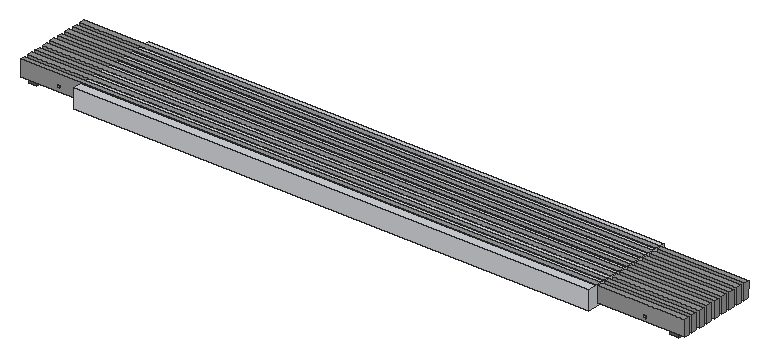
Revit family "1213-9, Solid", category Generic Models, host Face, Revit 2020
Family settings
  Host = Face
  Can host rebar = No
  Round Connector Dimension = Use Diameter
  Part Type = Normal
  Cut with Voids When Loaded = No
  Shared = No
  Room Calculation Point = No
Parameters
  min_value [instance] = 1' - 11 1/4"  # constant formula
  max_value [instance] = 11' - 11 1/4"  # constant formula
  actual_value [instance] = if(NET LENGTH < min_value, min_value, if(NET LENGTH > max_value, max_value, NET LENGTH))  # 7' - 11 1/4"
  NET LENGTH [instance] = 7' - 11 1/4"
  IMPORTANT NOTE!!!                                                                             *Backer & dowel layout is for visualization purposes only, final layout to be determined by 9Wood. [instance] = ""
  Default Elevation = 4' - 0"
  DOWEL RADIUS [instance] = 0' - 0 1/4"  # constant formula
  BACKING M MATERIAL [instance] = BLACK-BACKERS
  .. MEMBER WIDTH [instance] = 0' - 0 3/4"  # constant formula
  .. MEMBER MATERIAL [instance] = Solid Western Hemlock
  .. MEMBER DEPTH [instance] = 0' - 2 1/4"  # constant formula
  .. MEMBER COUNT [instance] = 9  # constant formula
Reference planes (in)
  plane 1 "Center (Front/Back)": y = 0
  plane 2: z = 2.726
  plane 3 "Center (Left/Right)": x = 0
Forms (in)
  Extrusion 1, solid
    sketch origin (15, -0.86619, -0.99308) x (0, 1, 0) y (-1, 0, 0)
      loop
        line (3.42869, -23.66817) -> (3.42869, 50.25) -> (-10, 50.25) -> (-10, -23.66817) -> (3.42869, -23.66817)
    from 3.71908 to 1.00111
Dimensions and locks (in)
  aligned and locked: plane 2 to Extrusion 1
Nested families (in)
  nested 1: "1200 Series" at (-44, -2, 1.87867), NET LENGTH <- "actual_value", DOWEL RADII <- "DOWEL RADIUS", .. MEMBER WIDTH <- ".. MEMBER WIDTH", .. MEMBER DEPTH <- ".. MEMBER DEPTH", .. MEMBER MATERIAL <- ".. MEMBER MATERIAL", BACKING M MATERIAL <- "BACKING M MATERIAL", .. MEMBER COUNT <- ".. MEMBER COUNT", type "1200 Series"
    with X 7' - 4", WIDTH 1' - 0 1/16", Space 0' - 0 11/16", START 0' - 0 3/8", SCRIM MATERIAL SCRIM, SCRIM 3 8' - 1", SCRIM 2 0' - 0 7/8", SCRIM 1 0' - 0 3/32", SCRIM yes, NET LENGTH 7' - 11 1/4", N 8, INSET 3 0' - 0 3/16", INSET 0' - 1", INDEX 0' - 5 5/8", END BACKER yes, DOWEL RADII 0' - 0 1/4", DOWEL COUNT 8, BACKING M WIDTH 0' - 1 1/4", BACKING M MATERIAL BLACK-BACKERS, BACKING M LENGTH 0' - 11 7/8", BACKING M DEPTH 0' - 0 1/2", .. MEMBER WIDTH 0' - 0 3/4", .. MEMBER OC TYP 0' - 1.33333", .. MEMBER MATERIAL Solid Western Hemlock, .. MEMBER DEPTH 0' - 2 1/4", .. MEMBER COUNT 9
Definition of nested family "1200 Series"
  Parameters (values of type "1200 Series")
    X [instance] = NET LENGTH - (0' 3 5/8" * 2)  # 6' - 2"
    WIDTH [instance] = 1' - 0 1/16"
    Space [instance] = 0' - 0 11/16"  # constant formula
    START [instance] = .. MEMBER WIDTH / 2  # 0' - 0 3/8"
    SCRIM MATERIAL [instance] = none
    SCRIM 3 [instance] = NET LENGTH + (SCRIM 2 * 2)  # 6' - 11"
    SCRIM 2 [instance] = 0' - 0 7/8"
    SCRIM 1 [instance] = 0' - 0 3/32"
    SCRIM [instance] = yes
    NET LENGTH [instance] = 6' - 9 1/4"
    N [instance] = if((X - (rounddown(X / 1' 0") * 1' 0")) > 1' 0", rounddown(X / 1' 0") + 2, rounddown(X / 1' 0") + 1)  # 7
    INSET 3 [instance] = 0' - 0 3/16"
    INSET [instance] = 0' - 1"
    INDEX [instance] = (NET LENGTH - ((N - 1) * 1' 0")) / 2  # 0' - 4 5/8"
    END BACKER [instance] = yes
    Default Elevation = 0' - 0"
    DOWEL RADII [instance] = 0' - 0 1/4"
    DOWEL COUNT [instance] = N  # 7
    BACKING M WIDTH [instance] = 0' - 1 1/4"
    BACKING M MATERIAL [instance] = none
    BACKING M LENGTH [instance] = 0' - 11 7/8"
    BACKING M DEPTH [instance] = 0' - 0 1/2"
    .. MEMBER WIDTH [instance] = 0' - 0 3/4"
    .. MEMBER OC TYP [instance] = 1' 0" / .. MEMBER COUNT  # 0' - 3"
    .. MEMBER MATERIAL [instance] = none
    .. MEMBER DEPTH [instance] = 0' - 1 3/8"
    .. MEMBER COUNT [instance] = 4
  Reference planes (in)
    plane 1 "Center (Front/Back)": y = -7.5
    plane 2: z = 0
    plane 3 "Center (Left/Right)": x = 0
    plane 4: x = 1
    plane 5: x = 4.625
    plane 6: x = 81.25
    plane 7: x = 80.25
    plane 8: x = 16.625
    plane 9: y = -7.3125
    plane 10: y = -4.125
    plane 11: y = -7.125
    plane 12: y = 4.5625
    plane 13: y = -4.5
    plane 14: y = -7.59375
    plane 15: x = 82.125
    plane 16: y = 4.65625
    plane 17: x = -0.875
    plane 18: z = -1.375
    plane 19: z = -0.6875
  Lines and regions (in)
    model lines
      curve 1: line (4.375, -7.5, -0.6875) -> (4.875, -7.5, -0.6875)
    model lines, not visible
      curve 2: line (4.625, -7.5, -0.9375) -> (4.625, -7.5, -0.4375)
      curve 3: line (4.375, -7.5, -0.6875) -> (4.875, -7.5, -0.6875)
      curve 4: line (16.625, -7.5, -0.9375) -> (16.625, -7.5, -0.4375)
      curve 5: line (16.375, -7.5, -0.6875) -> (16.875, -7.5, -0.6875)
      curve 6: line (28.625, -7.5, -0.9375) -> (28.625, -7.5, -0.4375)
      curve 7: line (28.375, -7.5, -0.6875) -> (28.875, -7.5, -0.6875)
      curve 8: line (40.625, -7.5, -0.9375) -> (40.625, -7.5, -0.4375)
      curve 9: line (40.375, -7.5, -0.6875) -> (40.875, -7.5, -0.6875)
      curve 10: line (52.625, -7.5, -0.9375) -> (52.625, -7.5, -0.4375)
      curve 11: line (52.375, -7.5, -0.6875) -> (52.875, -7.5, -0.6875)
      curve 12: line (64.625, -7.5, -0.9375) -> (64.625, -7.5, -0.4375)
      curve 13: line (64.375, -7.5, -0.6875) -> (64.875, -7.5, -0.6875)
      curve 14: line (76.625, -7.5, -0.9375) -> (76.625, -7.5, -0.4375)
      curve 15: line (76.375, -7.5, -0.6875) -> (76.875, -7.5, -0.6875)
  Dimensions and locks (in)
    "NET LENGTH": plane 3 "Center (Left/Right)" to plane 6
    "INSET": plane 7 to plane 6
    "INDEX": plane 3 "Center (Left/Right)" to plane 5
    plane 5 to plane 8 = 1' - 0"
    "INSET 3": plane 1 "Center (Front/Back)" to plane 9
    equal spacing: group 1, group 2, group 3, group 4  (x3)
    "START": plane 11 to plane 1 "Center (Front/Back)"
    ".. MEMBER OC TYP": plane 10 to plane 11
    "WIDTH": plane 12 to plane 1 "Center (Front/Back)"
    "START": plane 10 to plane 13
    "SCRIM 1": plane 14 to plane 1 "Center (Front/Back)"
    "SCRIM 2": plane 6 to plane 15
    "SCRIM 1": plane 12 to plane 16
    "SCRIM 2": plane 17 to plane 3 "Center (Left/Right)"
    "INSET": plane 3 "Center (Left/Right)" to plane 4
    equal spacing: group 5, group 6, group 7, group 8, group 9, group 10, group 11  (x3)
    "Space": plane 19 to plane 18
    aligned and locked: level to plane 2
    aligned and locked: nested 1 to plane 4  (x2)
    aligned and locked: plane 7 to nested 2
    aligned and locked: plane 5 to nested 3
    aligned and locked: nested 1 to plane 9
    aligned and locked: plane 1 "Center (Front/Back)" to nested 4
    aligned and locked: plane 9 to nested 2
    aligned and locked: plane 13 to nested 5
    aligned and locked: nested 3 to plane 9
    aligned and locked: plane 18 to nested 1
    aligned and locked: plane 19 to nested 3
    aligned and locked: curve 1 to plane 19
    aligned and locked: plane 8 to curve 4
    aligned and locked: curve 5 to plane 19
    aligned and locked: nested 4 to plane 18
  Automatic sketch dimensions
    curve 1 to curve 1 = 0' - 0 1/2"
    curve 1 to plane 5 = 0' - 0 1/4"
    plane 5 to curve 1 = 0' - 0 1/4"
    curve 3 to curve 2 = 0' - 0 1/4"  (x2)
    curve 2 to curve 3 = 0' - 0 1/4"  (x2)
    curve 5 to curve 4 = 0' - 0 1/4"  (x2)
    curve 4 to curve 5 = 0' - 0 1/4"  (x2)
    curve 7 to curve 6 = 0' - 0 1/4"  (x2)
    curve 6 to curve 7 = 0' - 0 1/4"  (x2)
    curve 9 to curve 8 = 0' - 0 1/4"  (x2)
    curve 8 to curve 9 = 0' - 0 1/4"  (x2)
    curve 11 to curve 10 = 0' - 0 1/4"  (x2)
    curve 10 to curve 11 = 0' - 0 1/4"  (x2)
    curve 13 to curve 12 = 0' - 0 1/4"  (x2)
    curve 12 to curve 13 = 0' - 0 1/4"  (x2)
    curve 15 to curve 14 = 0' - 0 1/4"  (x2)
    curve 14 to curve 15 = 0' - 0 1/4"  (x2)
  Nested families (in)
    nested 1: "INSTANCE - 2ND -  EXTEND SIDE H CENTER W - Parametric Cube" at (1, -1.375, -1.375) x (0, -1, 0) z (0, 0, 1), Width <- "BACKING M LENGTH", Length <- "BACKING M WIDTH", Material <- "BACKING M MATERIAL", Height <- "BACKING M DEPTH", visible <- "END BACKER", type "INSTANCE - 2ND -  EXTEND SIDE H CENTER W - Parametric Cube"
      with Width 0' - 11 7/8", Material none, Length 0' - 1 1/4", Height 0' - 0 1/2"
    nested 2: "INSTANCE - 2ND -  EXTEND SIDE H CENTER W - Parametric Cube" at (80.25, -1.375, -1.375) x (0, -1, 0) z (0, 0, 1), Width <- "BACKING M LENGTH", Length <- "BACKING M WIDTH", Material <- "BACKING M MATERIAL", Height <- "BACKING M DEPTH", visible <- "END BACKER", type "INSTANCE - 2ND -  EXTEND SIDE H CENTER W - Parametric Cube"
      with Width 0' - 11 7/8", Material none, Length 0' - 1 1/4", Height 0' - 0 1/2"
    nested 3: "Family3" at (-5.375, -7.3125, -0.6875), DOWEL RADII <- "DOWEL RADII", BACKING MEM MATERIAL <- "BACKING M MATERIAL", type "Family3"
      with DOWEL RADII 0' - 0 1/4", DOWEL LENGTH 0' - 11 7/8", BACKING MEM MATERIAL none
    nested 4: "HOLED MEMBER" at (0, -18.75, 6.19404), DOWEL RADII <- "DOWEL RADII", .. MEMBER LENGTH <- "NET LENGTH", DOWEL COUNT <- "DOWEL COUNT", DEPTH <- ".. MEMBER DEPTH", .. MEMBER WIDTH <- ".. MEMBER WIDTH", Material <- ".. MEMBER MATERIAL", DOWEL INDEX <- "INDEX", Space 2 <- "Space", type "HOLED MEMBER"
      with Width 0' - 6", Space 2 0' - 0 11/16", Material none, Length 1' - 0", Height 0' - 10.43096", DOWEL RADII 0' - 0 1/4", DOWEL OC DIST 1' - 0", DOWEL INDEX 0' - 4 5/8", DOWEL COUNT 7, DEPTH 0' - 1 3/8", .. MEMBER WIDTH 0' - 0 3/4", .. MEMBER LENGTH 6' - 9 1/4"
    nested 5: "HOLED MEMBER" at (0, -15.75, 6.19404), DOWEL RADII <- "DOWEL RADII", .. MEMBER LENGTH <- "NET LENGTH", DOWEL COUNT <- "DOWEL COUNT", DEPTH <- ".. MEMBER DEPTH", .. MEMBER WIDTH <- ".. MEMBER WIDTH", Material <- ".. MEMBER MATERIAL", DOWEL INDEX <- "INDEX", Space 2 <- "Space", type "HOLED MEMBER"
      with Width 0' - 6", Space 2 0' - 0 11/16", Material none, Length 1' - 0", Height 0' - 10.43096", DOWEL RADII 0' - 0 1/4", DOWEL OC DIST 1' - 0", DOWEL INDEX 0' - 4 5/8", DOWEL COUNT 7, DEPTH 0' - 1 3/8", .. MEMBER WIDTH 0' - 0 3/4", .. MEMBER LENGTH 6' - 9 1/4"
    nested 6: "HOLED MEMBER" at (0, -12.75, 6.19404), DOWEL RADII <- "DOWEL RADII", .. MEMBER LENGTH <- "NET LENGTH", DOWEL COUNT <- "DOWEL COUNT", DEPTH <- ".. MEMBER DEPTH", .. MEMBER WIDTH <- ".. MEMBER WIDTH", Material <- ".. MEMBER MATERIAL", DOWEL INDEX <- "INDEX", Space 2 <- "Space", type "HOLED MEMBER"
      with Width 0' - 6", Space 2 0' - 0 11/16", Material none, Length 1' - 0", Height 0' - 10.43096", DOWEL RADII 0' - 0 1/4", DOWEL OC DIST 1' - 0", DOWEL INDEX 0' - 4 5/8", DOWEL COUNT 7, DEPTH 0' - 1 3/8", .. MEMBER WIDTH 0' - 0 3/4", .. MEMBER LENGTH 6' - 9 1/4"
    nested 7: "HOLED MEMBER" at (0, -9.75, 6.19404), DOWEL RADII <- "DOWEL RADII", .. MEMBER LENGTH <- "NET LENGTH", DOWEL COUNT <- "DOWEL COUNT", DEPTH <- ".. MEMBER DEPTH", .. MEMBER WIDTH <- ".. MEMBER WIDTH", Material <- ".. MEMBER MATERIAL", DOWEL INDEX <- "INDEX", Space 2 <- "Space", type "HOLED MEMBER"
      with Width 0' - 6", Space 2 0' - 0 11/16", Material none, Length 1' - 0", Height 0' - 10.43096", DOWEL RADII 0' - 0 1/4", DOWEL OC DIST 1' - 0", DOWEL INDEX 0' - 4 5/8", DOWEL COUNT 7, DEPTH 0' - 1 3/8", .. MEMBER WIDTH 0' - 0 3/4", .. MEMBER LENGTH 6' - 9 1/4"
    nested 8: "Family3" at (6.625, -7.3125, -0.6875), DOWEL RADII <- "DOWEL RADII", BACKING MEM MATERIAL <- "BACKING M MATERIAL", type "Family3"
      with DOWEL RADII 0' - 0 1/4", DOWEL LENGTH 0' - 11 7/8", BACKING MEM MATERIAL none
    nested 9: "Family3" at (18.625, -7.3125, -0.6875), DOWEL RADII <- "DOWEL RADII", BACKING MEM MATERIAL <- "BACKING M MATERIAL", type "Family3"
      with DOWEL RADII 0' - 0 1/4", DOWEL LENGTH 0' - 11 7/8", BACKING MEM MATERIAL none
    nested 10: "Family3" at (30.625, -7.3125, -0.6875), DOWEL RADII <- "DOWEL RADII", BACKING MEM MATERIAL <- "BACKING M MATERIAL", type "Family3"
      with DOWEL RADII 0' - 0 1/4", DOWEL LENGTH 0' - 11 7/8", BACKING MEM MATERIAL none
    nested 11: "Family3" at (42.625, -7.3125, -0.6875), DOWEL RADII <- "DOWEL RADII", BACKING MEM MATERIAL <- "BACKING M MATERIAL", type "Family3"
      with DOWEL RADII 0' - 0 1/4", DOWEL LENGTH 0' - 11 7/8", BACKING MEM MATERIAL none
    nested 12: "Family3" at (54.625, -7.3125, -0.6875), DOWEL RADII <- "DOWEL RADII", BACKING MEM MATERIAL <- "BACKING M MATERIAL", type "Family3"
      with DOWEL RADII 0' - 0 1/4", DOWEL LENGTH 0' - 11 7/8", BACKING MEM MATERIAL none
    nested 13: "Family3" at (66.625, -7.3125, -0.6875), DOWEL RADII <- "DOWEL RADII", BACKING MEM MATERIAL <- "BACKING M MATERIAL", type "Family3"
      with DOWEL RADII 0' - 0 1/4", DOWEL LENGTH 0' - 11 7/8", BACKING MEM MATERIAL none
  Definition of nested family "INSTANCE - 2ND -  EXTEND SIDE H CENTER W - Parametric Cube"
    Parameters (values of type "INSTANCE - 2ND -  EXTEND SIDE H CENTER W - Parametric Cube")
      Width [instance] = 0' - 6"
      Material [instance] = none
      Length [instance] = 1' - 0"
      Height [instance] = 1' - 6"
      Default Elevation = 0' - 0"
    Reference planes (in)
      plane 1 "Center (Front/Back)": y = 0
      plane 2: z = 0
      plane 3 "Center (Left/Right)": x = 0
      plane 4: x = -3
      plane 5: x = 3
      plane 6: y = 12
      plane 7: z = -18
    Forms (in)
      Extrusion 1, solid, material <- "Material"
        sketch origin (0, 6, 0) x (1, 0, 0) y (0, 1, 0)
          loop
            line (-3, 6) -> (-3, -6) -> (3, -6) -> (3, 6) -> (-3, 6)
        from -18 to 0
    Dimensions and locks (in)
      equal spacing: plane 4, plane 3 "Center (Left/Right)", plane 5
      "Width": plane 4 to plane 5
      "Height": plane 7 to level
      "Length": plane 1 "Center (Front/Back)" to plane 6
      aligned and locked: plane 2 to level
      aligned and locked: plane 4 to Extrusion 1 sketch curve
      aligned and locked: Extrusion 1 sketch curve to plane 5
      aligned and locked: Extrusion 1 to plane 7
      aligned and locked: plane 6 to Extrusion 1
    Automatic sketch dimensions
      plane 1 "Center (Front/Back)" to Extrusion 1 sketch curve = 0' - 0"
      plane 6 to Extrusion 1 sketch curve = 0' - 0"
  Definition of nested family "Family3"
    Parameters (values of type "Family3")
      Default Elevation = 0' - 0"
      DOWEL RADII [instance] = 0' - 0 5/8"
      DOWEL LENGTH [instance] = 0' - 5"
      BACKING MEM MATERIAL [instance] = none
    Reference planes (in)
      plane 1 "Center (Front/Back)": y = 0
      plane 2: z = 0
      plane 3 "Center (Left/Right)": x = 0
      plane 4: y = 5
    Forms (in)
      Extrusion 1, solid, material <- "BACKING MEM MATERIAL"
        sketch origin (10, 0, 0) x (1, 0, 0) y (0, 0, 1)
          loop
            circle (0, 0) r 0.625
        from 0 to -5
      Extrusion 2, solid, not visible
        sketch origin (0, 0, 0) x (1, 0, 0) y (0, 0, 1)
          loop
            circle (0, 0) r 0.625
        from 0 to 12
      Extrusion 3, solid, not visible
        sketch origin (10, 0, 0) x (1, 0, 0) y (0, 0, 1)
          loop
            circle (0, 0) r 0.625
        from 0 to 2.5
      Extrusion 4, solid, not visible
        sketch origin (10, 0, 0) x (1, 0, 0) y (0, 0, 1)
          loop
            circle (0, 0) r 0.625
        from 0 to -12
    Lines and regions (in)
      model lines, not visible
        curve 1: line (-13, 0, 0) -> (-13, -12, 0)
        curve 2: line (13, 0, 0) -> (13, -12, 0)
        curve 3: line (9.89453, 0, 0) -> (10.08794, 0, 0)
        curve 4: line (9.89453, -2.5, 0) -> (10.08794, -2.5, 0)
        curve 6: line (10, 0, 0) -> (10, 2, 0)
      model lines
        curve 5: line (10, 0, 0) -> (10, 2, 0)
    Dimensions and locks (in)
      "DOWEL LENGTH": plane 1 "Center (Front/Back)" to plane 4
      "DOWEL RADII": radius of Extrusion 1 sketch curve
      "DOWEL RADII": radius of Extrusion 2 sketch curve
      "DOWEL RADII": radius of Extrusion 3 sketch curve
      "DOWEL RADII": radius of Extrusion 4 sketch curve
      "DOWEL RADII": radius of Extrusion 1
      aligned and locked: plane 2 to level
      aligned and locked: Extrusion 1 to plane 1 "Center (Front/Back)"  (x3)
      aligned and locked: plane 1 "Center (Front/Back)" to Extrusion 1
      aligned and locked: plane 4 to Extrusion 1
    Automatic sketch dimensions
      plane 1 "Center (Front/Back)" to curve 5 = 0' - 0"
      curve 5 to plane 1 "Center (Front/Back)" = 0' - 2"
      plane 3 "Center (Left/Right)" to curve 5 = 0' - 10"
      Extrusion 1 sketch curve to level = 0' - 0"
      plane 3 "Center (Left/Right)" to Extrusion 1 sketch curve = 0' - 10"
  Definition of nested family "HOLED MEMBER"
    Parameters (values of type "HOLED MEMBER")
      Width [instance] = 0' - 6"
      Space 2 [instance] = 0' - 0 5/8"
      Space = 0' - 0 5/8"
      Material [instance] = none
      Length [instance] = 1' - 0"
      Height [instance] = 0' - 10.43096"
      Default Elevation = 0' - 0"
      DOWEL RADII [instance] = 0' - 0.34537"
      DOWEL OC DIST [instance] = 1' - 0"
      DOWEL INSET = 0' - 0 5/8"
      DOWEL INDEX [instance] = 0' - 5 5/8"
      DOWEL COUNT [instance] = 6
      DEPTH [instance] = 0' - 2"
      .. MEMBER WIDTH [instance] = 0' - 0 5/8"
      .. MEMBER LENGTH [instance] = 5' - 11 3/4"
    Reference planes (in)
      plane 1 "Center (Front/Back)": y = 12
      plane 2: z = -7.56904
      plane 3 "Center (Left/Right)": x = 0
      plane 4: x = 5.625
      plane 5: x = 17.625
      plane 6: y = 11.375
      plane 7: x = 71.75
      plane 8: z = -6.94404
      plane 9: z = -5.56904
    Forms (in)
      Extrusion 1, solid, material <- "Material"
        sketch origin (0, 12, -13.56904) x (1, 0, 0) y (0, 0, 1)
          loop
            line (0, 6) -> (71.75, 6) -> (71.75, 8) -> (0, 8) -> (0, 6)
        from 0.625 to 0
      Extrusion 2, void
        sketch origin (0, 12, -18.31904) x (1, 0, 0) y (0, 0, 1)
          loop
            circle (5.625, 11.375) r 0.34537
        from 0 to 12
      Extrusion 3, void, not visible
        sketch origin (0, 1.25, 0) x (1, 0, 0) y (0, 1, 0)
          loop
            circle (5.625, 11.375) r 0.34537
        from 0 to 12
      Extrusion 4, void, not visible
        sketch origin (0, 1.25, 0) x (1, 0, 0) y (0, 1, 0)
          loop
            circle (5.625, 11.375) r 0.34537
        from 0 to 12
      Extrusion 5, void, not visible
        sketch origin (12, 1.25, 0) x (1, 0, 0) y (0, 1, 0)
          loop
            circle (5.625, 11.375) r 0.34537
        from 0 to 12
      Extrusion 6, void, not visible
        sketch origin (0, 12, -16.31904) x (1, 0, 0) y (0, 0, 1)
          loop
            circle (5.625, 11.375) r 0.34537
        from 0 to 12
      Extrusion 7, void, not visible
        sketch origin (12, 12, -16.31904) x (1, 0, 0) y (0, 0, 1)
          loop
            circle (5.625, 11.375) r 0.34537
        from 0 to 12
      Extrusion 8, void, not visible
        sketch origin (0, 12, -18.31904) x (1, 0, 0) y (0, 0, 1)
          loop
            circle (5.625, 11.375) r 0.34537
        from 0 to 12
      Extrusion 9, void
        sketch origin (12, 12, -18.31904) x (1, 0, 0) y (0, 0, 1)
          loop
            circle (5.625, 11.375) r 0.34537
        from 0 to 12
      Extrusion 10, void, not visible
        sketch origin (24, 12, -16.31904) x (1, 0, 0) y (0, 0, 1)
          loop
            circle (5.625, 11.375) r 0.34537
        from 0 to 12
      Extrusion 11, void, not visible
        sketch origin (36, 12, -16.31904) x (1, 0, 0) y (0, 0, 1)
          loop
            circle (5.625, 11.375) r 0.34537
        from 0 to 12
      Extrusion 12, void, not visible
        sketch origin (48, 12, -16.31904) x (1, 0, 0) y (0, 0, 1)
          loop
            circle (5.625, 11.375) r 0.34537
        from 0 to 12
      Extrusion 13, void, not visible
        sketch origin (60, 12, -16.31904) x (1, 0, 0) y (0, 0, 1)
          loop
            circle (5.625, 11.375) r 0.34537
        from 0 to 12
      Extrusion 14, void, not visible
        sketch origin (24, 1.25, 0) x (1, 0, 0) y (0, 1, 0)
          loop
            circle (5.625, 11.375) r 0.34537
        from 0 to 12
      Extrusion 15, void, not visible
        sketch origin (36, 1.25, 0) x (1, 0, 0) y (0, 1, 0)
          loop
            circle (5.625, 11.375) r 0.34537
        from 0 to 12
      Extrusion 16, void, not visible
        sketch origin (48, 1.25, 0) x (1, 0, 0) y (0, 1, 0)
          loop
            circle (5.625, 11.375) r 0.34537
        from 0 to 12
      Extrusion 17, void, not visible
        sketch origin (60, 1.25, 0) x (1, 0, 0) y (0, 1, 0)
          loop
            circle (5.625, 11.375) r 0.34537
        from 0 to 12
      Extrusion 18, void
        sketch origin (24, 12, -18.31904) x (1, 0, 0) y (0, 0, 1)
          loop
            circle (5.625, 11.375) r 0.34537
        from 0 to 12
      Extrusion 19, void
        sketch origin (36, 12, -18.31904) x (1, 0, 0) y (0, 0, 1)
          loop
            circle (5.625, 11.375) r 0.34537
        from 0 to 12
      Extrusion 20, void
        sketch origin (48, 12, -18.31904) x (1, 0, 0) y (0, 0, 1)
          loop
            circle (5.625, 11.375) r 0.34537
        from 0 to 12
      Extrusion 21, void
        sketch origin (60, 12, -18.31904) x (1, 0, 0) y (0, 0, 1)
          loop
            circle (5.625, 11.375) r 0.34537
        from 0 to 12
    Cuts and joins
      Extrusion 2, Extrusion 9, Extrusion 18, Extrusion 19, Extrusion 20, Extrusion 21 cuts Extrusion 1
    Lines and regions (in)
      model lines, not visible
        curve 1: line (5.625, 11.72037, 0) -> (5.625, 11.02963, 0)
        curve 2: line (5.625, 11.72037, 0) -> (5.625, 11.02963, 0)
        curve 3: line (17.625, 11.72037, 0) -> (17.625, 11.02963, 0)
        curve 4: line (5.625, 12, -7.56904) -> (5.625, 11.87317, -7.56904)
        curve 5: line (5.625, 11.87317, -7.56904) -> (5.06195, 11.87317, -7.56904)
        curve 6: line (5.06195, 11.87317, -7.56904) -> (5.27963, 11.375, -7.56904)
        curve 7: line (0, 12, -6.19404) -> (0, 11.61951, -6.19404)
        curve 8: line (0, 11.375, -8.19404) -> (0, 11.6747, -8.19404)
        curve 9: line (5.625, 12, -7.56904) -> (5.625, 11.69863, -7.56904)
        curve 11: line (5.625, 12, 0) -> (5.625, 12, 0.30137)
        curve 12: line (5.625, 12, 0) -> (5.625, 12, 0.30137)
        curve 13: line (17.625, 12, 0) -> (17.625, 12, 0.30137)
        curve 14: line (5.625, 12, -5.56904) -> (5.625, 11.69863, -5.56904)
        curve 15: line (17.625, 12, -5.56904) -> (17.625, 11.69863, -5.56904)
        curve 16: line (5.625, 12, -7.56904) -> (5.625, 11.69863, -7.56904)
        curve 18: line (29.625, 12, -5.56904) -> (29.625, 11.69863, -5.56904)
        curve 19: line (41.625, 12, -5.56904) -> (41.625, 11.69863, -5.56904)
        curve 20: line (53.625, 12, -5.56904) -> (53.625, 11.69863, -5.56904)
        curve 21: line (65.625, 12, -5.56904) -> (65.625, 11.69863, -5.56904)
        curve 22: line (29.625, 11.72037, 0) -> (29.625, 11.02963, 0)
        curve 23: line (29.625, 12, 0) -> (29.625, 12, 0.30137)
        curve 24: line (41.625, 11.72037, 0) -> (41.625, 11.02963, 0)
        curve 25: line (41.625, 12, 0) -> (41.625, 12, 0.30137)
        curve 26: line (53.625, 11.72037, 0) -> (53.625, 11.02963, 0)
        curve 27: line (53.625, 12, 0) -> (53.625, 12, 0.30137)
        curve 28: line (65.625, 11.72037, 0) -> (65.625, 11.02963, 0)
        curve 29: line (65.625, 12, 0) -> (65.625, 12, 0.30137)
        curve 35: line (5.27963, 12.625, 0) -> (5.97037, 12.625, 0)
        curve 36: line (5.27963, 12.625, 0) -> (5.97037, 12.625, 0)
        curve 37: line (17.27963, 12.625, 0) -> (17.97037, 12.625, 0)
        curve 38: line (5.27963, 12, -4.94404) -> (5.97037, 12, -4.94404)
        curve 39: line (17.27963, 12, -4.94404) -> (17.97037, 12, -4.94404)
        curve 40: line (5.27963, 12, -6.94404) -> (5.97037, 12, -6.94404)
        curve 42: line (29.27963, 12, -4.94404) -> (29.97037, 12, -4.94404)
        curve 43: line (41.27963, 12, -4.94404) -> (41.97037, 12, -4.94404)
        curve 44: line (53.27963, 12, -4.94404) -> (53.97037, 12, -4.94404)
        curve 45: line (65.27963, 12, -4.94404) -> (65.97037, 12, -4.94404)
        curve 46: line (29.27963, 12.625, 0) -> (29.97037, 12.625, 0)
        curve 47: line (41.27963, 12.625, 0) -> (41.97037, 12.625, 0)
        curve 48: line (53.27963, 12.625, 0) -> (53.97037, 12.625, 0)
        curve 49: line (65.27963, 12.625, 0) -> (65.97037, 12.625, 0)
        curve 54: line (0, 12, -6.94404) -> (0, 4.22059, -6.94404)
        curve 55: line (0, 12.625, 0) -> (0, 12.625, 7.77941)
        curve 56: line (0, 12.625, 0) -> (0, 12.625, 7.77941)
        curve 57: line (12, 12.625, 0) -> (12, 12.625, 7.77941)
        curve 58: line (0, 12, -4.94404) -> (0, 4.22059, -4.94404)
        curve 59: line (12, 12, -4.94404) -> (12, 4.22059, -4.94404)
        curve 60: line (0, 12, -6.94404) -> (0, 4.22059, -6.94404)
        curve 61: line (12, 12, -6.94404) -> (12, 4.22059, -6.94404)
        curve 62: line (24, 12, -4.94404) -> (24, 4.22059, -4.94404)
        curve 63: line (36, 12, -4.94404) -> (36, 4.22059, -4.94404)
        curve 64: line (48, 12, -4.94404) -> (48, 4.22059, -4.94404)
        curve 65: line (60, 12, -4.94404) -> (60, 4.22059, -4.94404)
        curve 66: line (24, 12.625, 0) -> (24, 12.625, 7.77941)
        curve 67: line (36, 12.625, 0) -> (36, 12.625, 7.77941)
        curve 68: line (48, 12.625, 0) -> (48, 12.625, 7.77941)
        curve 69: line (60, 12.625, 0) -> (60, 12.625, 7.77941)
        curve 70: line (24, 12, -6.94404) -> (24, 4.22059, -6.94404)
        curve 71: line (36, 12, -6.94404) -> (36, 4.22059, -6.94404)
        curve 72: line (48, 12, -6.94404) -> (48, 4.22059, -6.94404)
        curve 73: line (60, 12, -6.94404) -> (60, 4.22059, -6.94404)
      model lines
        curve 10: line (5.625, 12, -7.56904) -> (5.625, 11.69863, -7.56904)
        curve 17: line (17.625, 12, -7.56904) -> (17.625, 11.69863, -7.56904)
        curve 30: line (29.625, 12, -7.56904) -> (29.625, 11.69863, -7.56904)
        curve 31: line (41.625, 12, -7.56904) -> (41.625, 11.69863, -7.56904)
        curve 32: line (53.625, 12, -7.56904) -> (53.625, 11.69863, -7.56904)
        curve 33: line (65.625, 12, -7.56904) -> (65.625, 11.69863, -7.56904)
        curve 34: line (5.27963, 12, -6.94404) -> (5.97037, 12, -6.94404)
        curve 41: line (17.27963, 12, -6.94404) -> (17.97037, 12, -6.94404)
        curve 50: line (29.27963, 12, -6.94404) -> (29.97037, 12, -6.94404)
        curve 51: line (41.27963, 12, -6.94404) -> (41.97037, 12, -6.94404)
        curve 52: line (53.27963, 12, -6.94404) -> (53.97037, 12, -6.94404)
        curve 53: line (65.27963, 12, -6.94404) -> (65.97037, 12, -6.94404)
    Dimensions and locks (in)
      "DOWEL INDEX": plane 3 "Center (Left/Right)" to plane 4
      "DOWEL OC DIST": plane 4 to plane 5
      ".. MEMBER LENGTH": plane 3 "Center (Left/Right)" to plane 7
      equal spacing: group 3, group 4, group 17, group 18, group 19, group 20  (x3)
      equal spacing: group 7, group 8, group 13, group 14, group 15, group 16  (x3)
      equal spacing: group 1, group 12, group 21, group 22, group 23, group 24  (x3)
      ".. MEMBER WIDTH": plane 6 to plane 1 "Center (Front/Back)"
      "DEPTH": plane 9 to level
      "Space 2": plane 8 to level
      "DOWEL RADII": radius of Extrusion 2 sketch curve
      "DOWEL RADII": radius of Extrusion 3 sketch curve
      "DOWEL RADII": radius of Extrusion 4 sketch curve
      "DOWEL RADII": radius of Extrusion 5 sketch curve
      "DOWEL RADII": radius of Extrusion 6 sketch curve
      "DOWEL RADII": radius of Extrusion 7 sketch curve
      "DOWEL RADII": radius of Extrusion 8 sketch curve
      "DOWEL RADII": radius of Extrusion 9 sketch curve
      "DOWEL RADII": radius of Extrusion 10 sketch curve
      "DOWEL RADII": radius of Extrusion 11 sketch curve
      "DOWEL RADII": radius of Extrusion 12 sketch curve
      "DOWEL RADII": radius of Extrusion 13 sketch curve
      "DOWEL RADII": radius of Extrusion 14 sketch curve
      "DOWEL RADII": radius of Extrusion 15 sketch curve
      "DOWEL RADII": radius of Extrusion 16 sketch curve
      "DOWEL RADII": radius of Extrusion 17 sketch curve
      "DOWEL RADII": radius of Extrusion 18 sketch curve
      "DOWEL RADII": radius of Extrusion 19 sketch curve
      "DOWEL RADII": radius of Extrusion 20 sketch curve
      "DOWEL RADII": radius of Extrusion 21 sketch curve
      aligned and locked: level to plane 2
      aligned and locked: Extrusion 1 to plane 3 "Center (Left/Right)"  (x2)
      aligned and locked: plane 7 to cut or joined group of Extrusion 1, Extrusion 2, Extrusion 9, Extrusion 18, Extrusion 19, Extrusion 20, Extrusion 21  (x2)
      aligned and locked: cut or joined group of Extrusion 1, Extrusion 2, Extrusion 9, Extrusion 18, Extrusion 19, Extrusion 20, Extrusion 21 to plane 1 "Center (Front/Back)"  (x2)
      aligned and locked: cut or joined group of Extrusion 1, Extrusion 2, Extrusion 9, Extrusion 18, Extrusion 19, Extrusion 20, Extrusion 21 to plane 6  (x2)
      aligned and locked: plane 4 to curve 10
      aligned and locked: plane 5 to curve 17
      aligned and locked: plane 9 to cut or joined group of Extrusion 1, Extrusion 2, Extrusion 9, Extrusion 18, Extrusion 19, Extrusion 20, Extrusion 21  (x2)
      aligned and locked: cut or joined group of Extrusion 1, Extrusion 2, Extrusion 9, Extrusion 18, Extrusion 19, Extrusion 20, Extrusion 21 to level
      aligned and locked: plane 8 to Extrusion 2
      aligned and locked: curve 34 to plane 8
      aligned and locked: curve 41 to plane 8
      aligned and locked: level to curve 10
      aligned and locked: curve 10 to level
      aligned and locked: plane 8 to cut or joined group of Extrusion 1, Extrusion 2, Extrusion 9, Extrusion 18, Extrusion 19, Extrusion 20, Extrusion 21
      aligned and locked: curve 54 to plane 8
    Automatic sketch dimensions
      curve 1 to curve 1 = 0' - 0.69074"
      curve 2 to curve 2 = 0' - 0.69074"
      curve 3 to curve 3 = 0' - 0.69074"
      Extrusion 1 sketch curve to plane 3 "Center (Left/Right)" = 0' - 0"
      Extrusion 1 sketch curve to plane 7 = 0' - 0"
      Extrusion 1 sketch curve to Extrusion 1 sketch curve = 0' - 2"
      level to Extrusion 1 sketch curve = 0' - 0"
      curve 9 to curve 9 = 0' - 0.30137"
      curve 10 to curve 10 = 0' - 0.30137"
      curve 11 to curve 11 = 0' - 0.30137"
      curve 12 to curve 12 = 0' - 0.30137"
      curve 13 to curve 13 = 0' - 0.30137"
      curve 14 to curve 14 = 0' - 0.30137"
      curve 15 to curve 15 = 0' - 0.30137"
      curve 16 to curve 16 = 0' - 0.30137"
      curve 17 to curve 17 = 0' - 0.30137"
      curve 18 to curve 18 = 0' - 0.30137"
      curve 19 to curve 19 = 0' - 0.30137"
      curve 20 to curve 20 = 0' - 0.30137"
      curve 21 to curve 21 = 0' - 0.30137"
      curve 22 to curve 22 = 0' - 0.69074"
      curve 23 to curve 23 = 0' - 0.30137"
      curve 24 to curve 24 = 0' - 0.69074"
      curve 25 to curve 25 = 0' - 0.30137"
      curve 26 to curve 26 = 0' - 0.69074"
      curve 27 to curve 27 = 0' - 0.30137"
      curve 28 to curve 28 = 0' - 0.69074"
      curve 29 to curve 29 = 0' - 0.30137"
      curve 30 to curve 30 = 0' - 0.30137"
      curve 31 to curve 31 = 0' - 0.30137"
      curve 32 to curve 32 = 0' - 0.30137"
      curve 33 to curve 33 = 0' - 0.30137"
      curve 34 to curve 34 = 0' - 0.69074"
      curve 35 to curve 35 = 0' - 0.69074"
      curve 36 to curve 36 = 0' - 0.69074"
      curve 37 to curve 37 = 0' - 0.69074"
      curve 38 to curve 38 = 0' - 0.69074"
      curve 39 to curve 39 = 0' - 0.69074"
      curve 40 to curve 40 = 0' - 0.69074"
      curve 41 to curve 41 = 0' - 0.69074"
      curve 42 to curve 42 = 0' - 0.69074"
      curve 43 to curve 43 = 0' - 0.69074"
      curve 44 to curve 44 = 0' - 0.69074"
      curve 45 to curve 45 = 0' - 0.69074"
      curve 46 to curve 46 = 0' - 0.69074"
      curve 47 to curve 47 = 0' - 0.69074"
      curve 48 to curve 48 = 0' - 0.69074"
      curve 49 to curve 49 = 0' - 0.69074"
      curve 50 to curve 50 = 0' - 0.69074"
      curve 51 to curve 51 = 0' - 0.69074"
      curve 52 to curve 52 = 0' - 0.69074"
      curve 53 to curve 53 = 0' - 0.69074"
      curve 54 to curve 54 = 0' - 7.77941"
      curve 55 to curve 55 = 0' - 7.77941"
      curve 56 to curve 56 = 0' - 7.77941"
      curve 57 to curve 57 = 0' - 7.77941"
      curve 58 to curve 58 = 0' - 7.77941"
      curve 59 to curve 59 = 0' - 7.77941"
      curve 60 to curve 60 = 0' - 7.77941"
      curve 61 to curve 61 = 0' - 7.77941"
      curve 62 to curve 62 = 0' - 7.77941"
      curve 63 to curve 63 = 0' - 7.77941"
      curve 64 to curve 64 = 0' - 7.77941"
      curve 65 to curve 65 = 0' - 7.77941"
      curve 66 to curve 66 = 0' - 7.77941"
      curve 67 to curve 67 = 0' - 7.77941"
      curve 68 to curve 68 = 0' - 7.77941"
      curve 69 to curve 69 = 0' - 7.77941"
      curve 70 to curve 70 = 0' - 7.77941"
      curve 71 to curve 71 = 0' - 7.77941"
      curve 72 to curve 72 = 0' - 7.77941"
      curve 73 to curve 73 = 0' - 7.77941"
